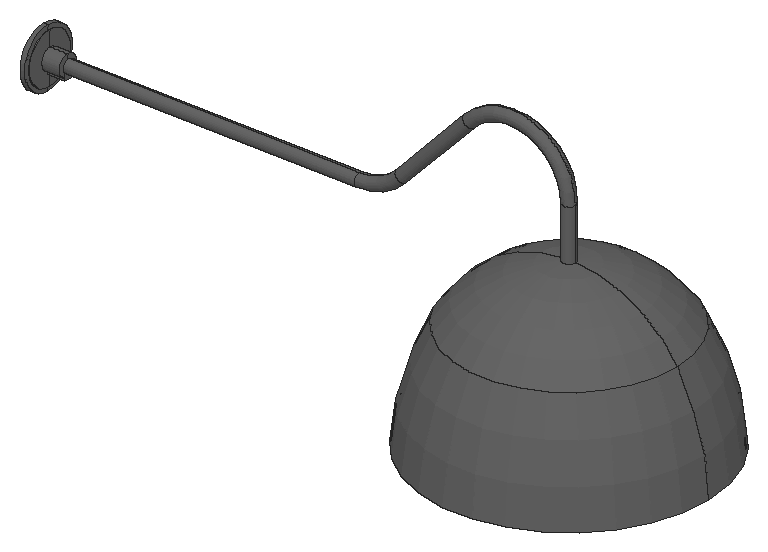
Revit family "OSDD_LED", category Lighting Fixtures, Revit 2020
Family settings
  Round Connector Dimension = Use Diameter
  Part Type = Normal
  OmniClass Number = 23.80.70.00
  OmniClass Title = Lighting
  Work Plane-Based = No
  Always vertical = Yes
  Cut with Voids When Loaded = No
  Light Source = Yes
  Shared = No
  Room Calculation Point = No
Parameters (values of type "OSDD22")
  Weight = "18.0 lb"
  Wattage Comments = "37W"
  Wattage = 3.2 W
  Warranty = "5 year limited warranty"  # constant formula
  built-in parameter 1150110 = 1 (stored number, unit not read)
  Voltage = 120 V
  URL = "https://www.anplighting.com/assets/Uploads/product-attachments/specification-sheets/ANP-Specification-Sheet-RLM-LED-OSDD22.pdf"
  built-in parameter 1114217 = 1 (stored number, unit not read)
  Tilt Angle = 90.00°
  built-in parameter 1150109 = 1 (stored number, unit not read)
  built-in parameter 1150134 = (empty or 0)
  built-in parameter 1150113 = 1 (stored number, unit not read)
  OSDD36 = no
  OSDD30 = no
  OSDD22 = yes
  Mounting Option [instance] = 4
  Power Factor = 1
  Post Mount [instance] = Mounting Option = 5  # no
  Placement X axis side [instance] = if(Post Mount, 2' 2 15/32", if(Cord or Stem Mount, 0' 0", if(E36 20 inch, 1' 8 1/4", if(E 6 26 inch, 2' 2", if(E7 41 inch, 3' 5 1/4", 0' 1")))))  # 3' - 5 1/4"
  Photometric Web File = "OSDD30M037LDDW35K.ies"
  Model = "OSDD22"
  Manufacturer = "ANP Lighting"  # constant formula
  built-in parameter 1150105 = 318.31 (stored number, unit not read)
  Lumens = 4000 lm
  built-in parameter 1150115 = 1 (stored number, unit not read)
  Load Classification = Lighting
  Light Source Height [instance] = 0' - 5 55/128"
  built-in parameter 1150137 = (empty or 0)
  built-in parameter 1150139 = (empty or 0)
  Light Elevation_3 [instance] = 0' - 5 55/128"
  Light Elevation _2 [instance] = if(OSDD22, 1' 1", if(OSDD30, 1' 7", if(OSDD36, 1' 9", 0' 0")))  # 1' - 1"
  Light Elevation _1 [instance] = if(Post Mount, 0' 0", if(E7 41 inch, 0' 0", if(E36 20 inch, 0' 1", if(E 6 26 inch, 0' 0.87402", if(Cord or Stem Mount, (0' 3.66142" + Cord Length), 0' 0")))))  # 0' - 0"
  Light Elevation [instance] = if(Post Mount, 14' 0.5315", if(E7 41 inch, 0' 0", 0' 0"))  # 0' - 0"
  Life = "L70 50,000 hours"  # constant formula
  built-in parameter 1150112 = 1 (stored number, unit not read)
  built-in parameter 1150114 = 1 (stored number, unit not read)
  Lamp = "LED"
  Inside body material = INSIDE BODY MATERIAL
  built-in parameter 1150132 = 2
  built-in parameter 1150102 = (empty or 0)
  built-in parameter 1150107 = 3500 (stored number, unit not read)
  built-in parameter 1150138 = (empty or 0)
  built-in parameter 1150106 = 3.1831 (stored number, unit not read)
  GLASS = Glass
  Fixture Height = 1' - 1"
  Fixture Diameter = 1' - 10"
  Efficiency = "65-125 lumens per watt"  # constant formula
  built-in parameter 1150104 = 116.13 (stored number, unit not read)
  E7 41 inch [instance] = Mounting Option = 4  # yes
  E36 20 inch [instance] = Mounting Option = 3  # no
  E 6 26 inch [instance] = Mounting Option = 2  # no
  Dimming Lamp Color Temperature Shift = <None>
  Dimming = "1%"  # constant formula
  Description = "120-277 Voltage"  # constant formula
  Default Elevation = 0' - 0"
  Cord or Stem Mount [instance] = Mounting Option = 1  # no
  Cord Length option [instance] = 0
  Cord Length [instance] = if([2' Cord], 2' 0", if([4' Cord], 4' 0", if([8' Cord], 8' 0", if([10' Cord], 10' 0", if([6' Cord], 6' 0", 6' 0")))))  # 6' - 0"
  Construction Material = "Heavy Duty spun aluminum."  # constant formula
  Color Filter = 16777215
  CRI = ">90"  # constant formula
  Bulb = BULB
  Body Material = body
  Body Colour = "Spun aluminium"  # constant formula
  built-in parameter 1114218 = 1 (stored number, unit not read)
  built-in parameter 1150133 = 10 (stored number, unit not read)
  Apparent Load = 37 VA
  8' Cord [instance] = Cord Length option = 8  # no
  6' Cord [instance] = Cord Length option = 6  # no
  4' Cord [instance] = Cord Length option = 4  # no
  2' Cord [instance] = Cord Length option = 2  # no
  10' Cord [instance] = Cord Length option = 10  # no
Types (4): name | Weight | Voltage | URL | OSDD36 | OSDD30 | OSDD22 | Model | built-in parameter 1150105 | Light Elevation _2 | built-in parameter 1150106 | Fixture Height | Fixture Diameter
  (no name) | "18.0 lb" | 120 V | "https://www.anplighting.com/assets/Uploads/product-attachments/specification-sheets/ANP-Specification-Sheet-RLM-LED-OSDD22.pdf" | no | no | yes | "OSDD22" | 318.31 (stored number, unit not read) | 1' - 1" | 3.1831 (stored number, unit not read) | 1' - 1" | 1' - 10"
  OSDD22 | "18.0 lb" | 120 V | "https://www.anplighting.com/assets/Uploads/product-attachments/specification-sheets/ANP-Specification-Sheet-RLM-LED-OSDD22.pdf" | no | no | yes | "OSDD22" | 318.31 (stored number, unit not read) | 1' - 1" | 3.1831 (stored number, unit not read) | 1' - 1" | 1' - 10"
  OSDD30 | "21.0 lb" | 120 V | "https://www.anplighting.com/assets/Uploads/product-attachments/specification-sheets/ANP-Specification-Sheet-RLM-LED-OSDD30.pdf" | no | yes | no | "OSDD30" | 318.31 (stored number, unit not read) | 1' - 7" | 3.1831 (stored number, unit not read) | 1' - 7" | 2' - 6"
  OSDD36 | "23.0 lb" | 277 V | "https://www.anplighting.com/assets/Uploads/product-attachments/specification-sheets/ANP-Specification-Sheet-RLM-LED-OSDD36.pdf" | yes | no | no | "OSDD36" | 4000 (stored number, unit not read) | 1' - 9" | 40 (stored number, unit not read) | 1' - 9" | 3' - 0"
Reference planes (in)
  plane 1 "Light Source Axis (F/B)": y = 0
  plane 2: z = 0
  plane 3 "Light Source Axis (L/R)": x = 0
  plane 4 "Light Source Elevation": z = 0
  plane 5: z = 0
  plane 6: x = 41.25
  plane 7 "Bulb Position": z = -7.57031
  plane 8 "Canopy Position": z = 0
  plane 9 "IES": z = -13
  plane 10: z = -13
Dimensions and locks (in)
  "Light Elevation": plane 5 to plane 2
  "Placement X axis side": plane 6 to plane 3 "Light Source Axis (L/R)"
  "Light Elevation _1": plane 5 to plane 8 "Canopy Position"
  "Light Source Height": plane 7 "Bulb Position" to plane 9 "IES"
  locked: plane 4 "Light Source Elevation" to plane 2
  "Light Elevation _2": plane 8 "Canopy Position" to plane 10
  "Light Elevation_3": plane 7 "Bulb Position" to plane 10
  aligned and locked: level to plane 2
  aligned and locked: plane 1 "Light Source Axis (F/B)" to nested 5
  aligned and locked: nested 5 to plane 2
  aligned and locked: nested 1 to plane 3 "Light Source Axis (L/R)"
  aligned and locked: plane 3 "Light Source Axis (L/R)" to nested 2
  aligned and locked: plane 3 "Light Source Axis (L/R)" to nested 4
  aligned and locked: nested 3 to plane 5
  aligned and locked: plane 3 "Light Source Axis (L/R)" to nested 3
  aligned and locked: plane 3 "Light Source Axis (L/R)" to nested 5
  aligned and locked: plane 1 "Light Source Axis (F/B)" to nested 2
  aligned and locked: plane 1 "Light Source Axis (F/B)" to nested 1
  aligned and locked: plane 1 "Light Source Axis (F/B)" to nested 4
  aligned and locked: plane 1 "Light Source Axis (F/B)" to nested 3
  aligned and locked: plane 2 to nested 1
  aligned and locked: nested 2 to plane 2
  aligned and locked: nested 4 to plane 2
  aligned and locked: imposter light to plane 9 "IES"
  aligned and locked: plane 6 to imposter light
  aligned and locked: plane 1 "Light Source Axis (F/B)" to nested 6
  aligned and locked: plane 1 "Light Source Axis (F/B)" to nested 7
  aligned and locked: plane 1 "Light Source Axis (F/B)" to nested 8
  aligned and locked: plane 6 to nested 6
  aligned and locked: plane 6 to nested 7
  aligned and locked: plane 6 to nested 8
  aligned and locked: nested 6 to plane 8 "Canopy Position"
  aligned and locked: nested 7 to plane 8 "Canopy Position"
  aligned and locked: nested 8 to plane 8 "Canopy Position"
Nested families (in)
  nested 1: "CORD OR STEM MOUNT" at (0, 0, -75.67), visible <- "Cord or Stem Mount", Cord or Stem Mount <- "Cord or Stem Mount", Body Material <- "Body Material", Light Elevation <- "Light Elevation", Cord Length <- "Cord Length", 10' Cord <- "10' Cord", 2' Cord <- "2' Cord", 4' Cord <- "4' Cord", 6' Cord <- "6' Cord", 8' Cord <- "8' Cord", type "CORD OR STEM MOUNT"
    with Light Elevation 0' - 0", Cord or Stem Mount no, Cord Length 6' - 0", Body Material body, 8' Cord no, 6' Cord no, 4' Cord no, 2' Cord no, 10' Cord no
  nested 2: "E6 26 INCH" at (41.25, 0, 0), visible <- "E 6 26 inch", Chain Length <- "Cord Length", E 6 26 inch <- "E 6 26 inch", Placement X axis side <- "Placement X axis side", Body Material <- "Body Material", Light Elevation <- "Light Elevation", type "E6 26 INCH"
    with Placement X axis side 3' - 5 1/4", Light Elevation 0' - 0", E 6 26 inch no, Chain Length 6' - 0", Body Material body
  nested 3: "E7 41 INCH" at (41.25, 0, 0), Chain Length <- "Cord Length", visible <- "E7 41 inch", E7 41 inch <- "E7 41 inch", Placement X axis side <- "Placement X axis side", Body Material <- "Body Material", Light Elevation <- "Light Elevation", type "E7 41 INCH"
    with Placement X axis side 3' - 5 1/4", Light Elevation 0' - 0", E7 41 inch yes, Chain Length 6' - 0", Body Material body
  nested 4: "E36 20 INCH" at (41.25, 0, 0), visible <- "E36 20 inch", E36 20 inch <- "E36 20 inch", Placement X axis side <- "Placement X axis side", Chain Length <- "Cord Length", Body Material <- "Body Material", Light Elevation <- "Light Elevation", type "E36 20 INCH"
    with Placement X axis side 3' - 5 1/4", Light Elevation 0' - 0", E36 20 inch no, Chain Length 6' - 0", Body Material body
  nested 5: "POST MOUNT" at (41.25, 0, 0), visible <- "Post Mount", Post Mount <- "Post Mount", Placement X axis side <- "Placement X axis side", Chain Length <- "Cord Length", Body Material <- "Body Material", Light Elevation <- "Light Elevation", type "POST MOUNT"
    with Post Mount no, Placement X axis side 3' - 5 1/4", Light Elevation 0' - 0", Chain Length 6' - 0", Body Material body
  nested 6: "OSDD22 A" at (41.25, 0, 0), visible <- "OSDD22", OSDD22 <- "OSDD22", Body <- "Body Material", Bulb <- "Bulb", Light Elevation <- "Light Elevation", type "OSDD22 A"
    with OSDD22 yes, Light Elevation 0' - 0", Bulb BULB, Body body
  nested 7: "OSDD30 A" at (41.25, 0, 0), OSDD30 <- "OSDD30", visible <- "OSDD30", Body <- "Body Material", Bulb <- "Bulb", Light Elevation <- "Light Elevation", type "OSDD30 A"
    with OSDD30 no, Light Elevation 0' - 0", Bulb BULB, Body body
  nested 8: "OSDD36 A" at (41.25, 0, 0), OSDD36 <- "OSDD36", visible <- "OSDD36", Body <- "Body Material", Bulb <- "Bulb", Light Elevation <- "Light Elevation", INSIDE BODY <- "Inside body material", type "OSDD36 A"
    with OSDD36 no, Light Elevation 0' - 0", INSIDE BODY INSIDE BODY MATERIAL, Bulb BULB, Body body
Definition of nested family "E7 41 INCH"
  Parameters (values of type "E7 41 INCH")
    URL = ""
    Placement X axis side [instance] = 4' - 2"
    Model = ""
    Manufacturer = ""
    Light Elevation [instance] = 8' - 4"
    E7 41 inch [instance] = yes
    Default Elevation = 0' - 0"
    Chain Length [instance] = 0' - 0"
    Body Material [instance] = none
  Reference planes (in)
    plane 1 "Light Source Axis (F/B)": y = 0
    plane 2: z = 0
    plane 3 "Light Source Axis (L/R)": x = 0
    plane 4 "Light Source Elevation": z = 23.125
    plane 5: z = 100
    plane 6: x = -50
  Forms (in)
    Extrusion 1, void, not visible
      sketch origin (0, 0, 2.38154) x (1, 0, 0) y (0, 0, 1)
        loop
          circle (0, 4.59925) r 0.16583
      from 1.18594 to 1.75
    Extrusion 2, void, not visible
      sketch origin (0, 0, 2.38154) x (0.707107, -0.707107, 0) y (0, 0, 1)
        loop
          circle (0, 4.59925) r 0.16583
      from 1.18594 to 1.75
    Extrusion 3, void, not visible
      sketch origin (0, 0, 2.38154) x (0.707107, 0.707107, 0) y (0, 0, 1)
        loop
          circle (0, 4.59925) r 0.16583
      from 1.18594 to 1.75
    Extrusion 4, void, not visible
      sketch origin (0, 0, 2.38154) x (0, 1, 0) y (0, 0, 1)
        loop
          circle (0, 4.59925) r 0.16583
      from 1.18594 to 1.75
    Extrusion 5, void, not visible
      sketch origin (0, 0, 2.38154) x (-0.707107, 0.707107, 0) y (0, 0, 1)
        loop
          circle (0, 4.59925) r 0.16583
      from 1.18594 to 1.75
    Extrusion 6, void, not visible
      sketch origin (0, 0, 2.38154) x (-1, 0, 0) y (0, 0, 1)
        loop
          circle (0, 4.59925) r 0.20678
      from 1.18594 to 1.75
    Extrusion 7, void, not visible
      sketch origin (0, 0, 2.38154) x (-0.707107, -0.707107, 0) y (0, 0, 1)
        loop
          circle (0, 4.59925) r 0.16583
      from 1.18594 to 1.75
    Extrusion 8, void, not visible
      sketch origin (0, 0, 2.38154) x (0, -1, 0) y (0, 0, 1)
        loop
          circle (0, 4.59925) r 0.16583
      from 1.18594 to 1.75
    Revolve 9, solid, material <- "Body Material", visible <- "E7 41 inch"
      sketch origin (-41.25, 0, 168.39193) x (1, 0, 0) y (0, 0, 1)
        loop
          line (-8.75, -66.20443) -> (-8.75, -68.51693) -> (-6.87, -68.51693) -> (-6.87, -67.69272) -> (-8.2974, -67.69272) -> (-8.2974, -66.54122) -> (-8.41875, -66.54122) -> (-8.41875, -66.20443) -> (-8.75, -66.20443)
        axis (-8.75, -68.51693) -> (-6.87, -68.51693)
      angle from 0 to 360
    Extrusion 10, solid, material <- "Body Material", visible <- "E7 41 inch"
      sketch origin (-41.25, 0, 168.39193) x (0, -1, 0) y (0, 0, -1)
        loop
          line (0.25, 68.51693) -> (0.25, 69.51693) -> (-0.25, 69.51693) -> (-0.25, 68.51693) -> (0.25, 68.51693)
      from -8.2974 to -6.87
    Sweep 11, solid, material <- "Body Material", visible <- "E7 41 inch"
      path origin (-41.25, 0, 168.39193) x (1, 0, 0) y (0, 0, 1)
        loop
          line (-6.87, -68.51693) -> (16.04011, -68.51693)
          arc (16.04011, -68.51693) -> (17.864, -68.13651) -> (19.38375, -67.0587) r 4.5625
          line (19.38375, -67.0587) -> (24.70217, -61.33018)
          arc (24.70217, -61.33018) -> (29.64465, -60.20324) -> (32.5, -64.39193) r 4.5
          line (32.5, -64.39193) -> (32.5, -68.39193)
      profile origin (-36.66494, 0, 99.875) x (0, 0, 1) y (0, -1, 0)
        loop
          circle (0, 0) r 0.5
  Dimensions and locks (in)
    "Placement X axis side": plane 3 "Light Source Axis (L/R)" to plane 6
    "Light Elevation": plane 5 to plane 2
    locked: Revolve 9 sketch curve to Revolve 9 sketch curve at 0.33125
    locked: Revolve 9 sketch curve to Revolve 9 sketch curve at 0.4526
    locked: Revolve 9 sketch curve to Revolve 9 sketch curve at 1.88
    locked: Revolve 9 sketch curve to Revolve 9 sketch curve at 0.82421
    locked: Revolve 9 sketch curve to Revolve 9 sketch curve at 1.1515
    locked: Revolve 9 sketch curve to Revolve 9 sketch curve at 0.33679
    locked: plane 5 to Revolve 9 sketch curve at 0.125
    locked: Extrusion 10 sketch curve to Extrusion 10 sketch curve at 0.5
    locked: Extrusion 10 sketch curve to Extrusion 10 sketch curve at 1
    locked: plane 5 to Extrusion 10 sketch curve at 0.125
    locked: plane 5 to Sweep 11 sketch curve at 0.125
    locked: Sweep 11 sketch curve to Sweep 11 sketch curve at 39.37
    locked: Sweep 11 sketch curve to Sweep 11 sketch curve at 4
    locked: plane 6 to Extrusion 10 at 0.4526
    locked: Sweep 11 sketch curve to plane 6 at 1.88
    locked: Extrusion 10 to Extrusion 10 at 1.4274
    aligned and locked: plane 2 to level
    aligned and locked: Revolve 9 sketch curve to plane 6
  Automatic sketch dimensions
    Revolve 9 sketch curve to plane 5 = 0' - 0 1/8"
    plane 6 to Revolve 9 sketch curve = 0' - 0.62562"
    Revolve 9 sketch curve to Revolve 9 sketch curve = 0' - 0 1/2"
    plane 1 "Light Source Axis (F/B)" to Extrusion 10 sketch curve = 0' - 0 1/4"
    Sweep 11 sketch curve to plane 5 = 0' - 0"
    Sweep 11 sketch curve to Sweep 11 sketch curve = 0' - 4 1/2"
    Sweep 11 sketch curve to Sweep 11 sketch curve = 0' - 3.29783"
    plane 5 to Sweep 11 sketch curve = 0' - 1.33323"
    Sweep 11 sketch curve to Sweep 11 sketch curve = 0' - 5.31842"
    Sweep 11 sketch curve to Sweep 11 sketch curve = 0' - 3.34364"
    profile plane to Sweep 11 sketch curve = 0' - 0"
    Sweep 11 sketch curve to profile plane = 0' - 0"
    radius of Sweep 11 sketch curve = 0' - 0 1/2"
Definition of nested family "OSDD22 A"
  Parameters (values of type "OSDD22 A")
    OSDD22 [instance] = yes
    Light Elevation [instance] = 0' - 0"
    INSIDE BODY [instance] = none
    Default Elevation = 0' - 0"
    Bulb [instance] = none
    Body [instance] = none
  Reference planes (in)
    plane 1 "Center (Front/Back)": y = 0
    plane 2: z = 0
    plane 3 "Center (Left/Right)": x = 0
    plane 4: z = 0
  Dimensions and locks (in)
    "Light Elevation": plane 4 to plane 2
    aligned and locked: plane 2 to level
    aligned and locked: plane 3 "Center (Left/Right)" to nested 1
    aligned and locked: plane 1 "Center (Front/Back)" to nested 1
    aligned and locked: plane 4 to nested 1
  Nested families (in)
    nested 1: "OSDD22" at (0, 0, -13.00025), Body <- "Body", INNER MATERIAL <- "INSIDE BODY", visible <- "OSDD22", OSDD22 <- "OSDD22", Bulb <- "Bulb", type "OSDD22"
      with OSDD22 yes, INNER MATERIAL none, Body none
  Definition of nested family "OSDD22"
    Parameters (values of type "OSDD22")
      OSDD22 [instance] = yes
      INNER MATERIAL [instance] = none
      Default Elevation = 0' - 0"
      Bulb [instance] = none
      Body [instance] = none
    Reference planes (in)
      plane 1 "Center (Front/Back)": y = 0
      plane 2: z = 0
      plane 3 "Center (Left/Right)": x = 0
    Forms (in)
      Revolve 1, solid, material <- "Body", visible <- "OSDD22"
        sketch origin (-48.20311, 0, -7.05295) x (1, 0, 0) y (0, 0, 1)
          loop
            arc (39.64308, 15.5417) -> (37.93337, 11.43826) -> (37.20351, 7.05321) r 19.38311
            line (37.20351, 7.05321) -> (37.27936, 7.05321)
            arc (37.27936, 7.05321) -> (38.00625, 11.41754) -> (39.70757, 15.5018) r 19.30776
            arc (39.70757, 15.5018) -> (43.31793, 18.7585) -> (48.02485, 19.97743) r 10.21609
            line (48.02485, 19.97743) -> (48.02485, 20.05321)
            arc (48.02485, 20.05321) -> (43.28104, 18.8247) -> (39.64308, 15.5417) r 10.29186
          axis (48.20311, 7.05321) -> (48.20311, 20.05321)
        angle from 0 to 360
      Revolve 2, solid, material <- "INNER MATERIAL", visible <- "OSDD22"
        sketch origin (0, 0, 0) x (1, 0, 0) y (0, 0, 1)
          loop
            line (-10.86126, 0.00025) -> (-10.76115, 0.00025)
            arc (-10.76115, 0.00025) -> (-10.11138, 4.11056) -> (-8.56906, 7.97553) r 18.70757
            arc (-8.56906, 7.97553) -> (-4.96312, 11.36924) -> (-0.17827, 12.64409) r 10.1124
            line (-0.17827, 12.64409) -> (-0.17827, 12.74409)
            arc (-0.17827, 12.74409) -> (-5.01286, 11.456) -> (-8.65542, 8.02609) r 10.2124
            arc (-8.65542, 8.02609) -> (-10.2079, 4.13673) -> (-10.86126, 0.00025) r 18.80757
          axis (0, 0.00025) -> (0, 12.74409)
        angle from 0 to 360
      Revolve 3, solid, material <- "Bulb", visible <- "OSDD22"
        sketch origin (0, 0, 0) x (1, 0, 0) y (0, 0, 1)
          loop
            line (2, 7.00025) -> (6.75, 7.00025) -> (6.75, 7.10025) -> (1.89737, 7.10025)
            arc (1.89737, 7.10025) -> (1.3784, 5.69258) -> (0, 5.10025) r 1.9
            line (0, 5.10025) -> (0, 5.00025)
            arc (0, 5.00025) -> (1.41421, 5.58604) -> (2, 7.00025) r 2
          axis (0, 5.00025) -> (0, 7.10025)
        angle from 0 to 360
    Dimensions and locks (in)
      locked: Revolve 3 to plane 2 at 7.10025
      aligned and locked: plane 2 to level
Definition of nested family "CORD OR STEM MOUNT"
  Parameters (values of type "CORD OR STEM MOUNT")
    URL = ""
    Model = ""
    Manufacturer = ""
    Light Elevation [instance] = 1' - 7.69"
    Default Elevation = 0' - 0"
    Cord or Stem Mount [instance] = yes
    Cord Length [instance] = 6' - 0"
    Body Material [instance] = none
    8' Cord [instance] = no
    6' Cord [instance] = no
    4' Cord [instance] = no
    2' Cord [instance] = no
    10' Cord [instance] = no
  Reference planes (in)
    plane 1 "Light Source Axis (F/B)": y = 0
    plane 2: z = 0
    plane 3 "Light Source Axis (L/R)": x = 0
    plane 4 "Light Source Elevation": z = 23.125
    plane 5: z = 91.69
    plane 6: z = 19.69
  Forms (in)
    Extrusion 1, void, not visible
      sketch origin (0, 0, 2.38154) x (1, 0, 0) y (0, 0, 1)
        loop
          circle (0, 4.59925) r 0.16583
      from 1.18594 to 1.75
    Extrusion 2, void, not visible
      sketch origin (0, 0, 2.38154) x (0.707107, -0.707107, 0) y (0, 0, 1)
        loop
          circle (0, 4.59925) r 0.16583
      from 1.18594 to 1.75
    Extrusion 3, void, not visible
      sketch origin (0, 0, 2.38154) x (0.707107, 0.707107, 0) y (0, 0, 1)
        loop
          circle (0, 4.59925) r 0.16583
      from 1.18594 to 1.75
    Extrusion 4, void, not visible
      sketch origin (0, 0, 2.38154) x (0, 1, 0) y (0, 0, 1)
        loop
          circle (0, 4.59925) r 0.16583
      from 1.18594 to 1.75
    Extrusion 5, void, not visible
      sketch origin (0, 0, 2.38154) x (-0.707107, 0.707107, 0) y (0, 0, 1)
        loop
          circle (0, 4.59925) r 0.16583
      from 1.18594 to 1.75
    Extrusion 6, void, not visible
      sketch origin (0, 0, 2.38154) x (-1, 0, 0) y (0, 0, 1)
        loop
          circle (0, 4.59925) r 0.20678
      from 1.18594 to 1.75
    Extrusion 7, void, not visible
      sketch origin (0, 0, 2.38154) x (-0.707107, -0.707107, 0) y (0, 0, 1)
        loop
          circle (0, 4.59925) r 0.16583
      from 1.18594 to 1.75
    Extrusion 8, void, not visible
      sketch origin (0, 0, 2.38154) x (0, -1, 0) y (0, 0, 1)
        loop
          circle (0, 4.59925) r 0.16583
      from 1.18594 to 1.75
    Revolve 9, solid, material <- "Body Material", visible <- "Cord or Stem Mount"
      sketch origin (0, 0, 174.56698) x (1, 0, 0) y (0, 0, 1)
        loop
          line (2.6875, -79.20698) -> (0, -79.20698) -> (0, -82.87698) -> (0.125, -82.87698) -> (0.125, -82.83698) -> (0.75, -82.83698)
          arc (0.75, -82.83698) -> (0.81694, -82.77004) -> (0.75, -82.7031) r 0.06694
          line (0.75, -82.7031) -> (0.89763, -82.7031) -> (1.00223, -82.5985) -> (1.06587, -82.5985)
          arc (1.06587, -82.5985) -> (1.80099, -82.29401) -> (2.10549, -81.55888) r 1.03962
          line (2.10549, -81.55888) -> (2.10549, -81.03899)
          arc (2.10549, -81.03899) -> (2.12951, -80.981) -> (2.1875, -80.95698) r 0.08201
          line (2.1875, -80.95698) -> (2.1875, -80.70698) -> (2.6875, -80.70698) -> (2.6875, -79.20698)
        axis (0, -79.20698) -> (0, -82.87698)
      angle from 0 to 360
    Revolve 10, solid, material <- "Body Material", visible <- "Cord or Stem Mount"
      sketch origin (0, 0, 0) x (1, 0, 0) y (0, 0, 1)
        loop
          line (0, 91.69) -> (-0.125, 91.69) -> (-0.125, 19.69) -> (0, 19.69) -> (0, 91.69)
        axis (0, 19.69) -> (0, 91.69)
      angle from 0 to 360
  Dimensions and locks (in)
    "Light Elevation": plane 6 to plane 2
    "Cord Length": plane 5 to plane 6
    locked: Revolve 10 sketch curve to Revolve 10 sketch curve at 0.125
    aligned and locked: level to plane 2
    aligned and locked: Revolve 10 sketch curve to plane 3 "Light Source Axis (L/R)"
    aligned and locked: Revolve 10 sketch curve to plane 6
    aligned and locked: Revolve 10 sketch curve to plane 5
    aligned and locked: plane 3 "Light Source Axis (L/R)" to Revolve 10 sketch curve
  Automatic sketch dimensions
    Revolve 9 sketch curve to plane 3 "Light Source Axis (L/R)" = 0' - 0"  (x2)
    Revolve 9 sketch curve to plane 5 = 0' - 0"
    plane 3 "Light Source Axis (L/R)" to Revolve 9 sketch curve = 0' - 0 1/8"
    Revolve 9 sketch curve to plane 5 = 0' - 0.17388"
    Revolve 9 sketch curve to Revolve 9 sketch curve = 0' - 0 5/8"
    Revolve 9 sketch curve to Revolve 9 sketch curve = 0' - 0.14763"
    Revolve 9 sketch curve to plane 5 = 0' - 0.27847"
    Revolve 9 sketch curve to Revolve 9 sketch curve = 0' - 0.1046"
    Revolve 9 sketch curve to Revolve 9 sketch curve = 0' - 0.06364"
    Revolve 9 sketch curve to Revolve 9 sketch curve = 0' - 1.03962"
    Revolve 9 sketch curve to Revolve 9 sketch curve = 0' - 0 21/256"
    Revolve 9 sketch curve to Revolve 9 sketch curve = 0' - 0 1/2"  (x2)
    Revolve 9 sketch curve to Revolve 9 sketch curve = 0' - 0.51989"
    Revolve 9 sketch curve to Revolve 9 sketch curve = 0' - 0 1/4"
    Revolve 9 sketch curve to Revolve 9 sketch curve = 0' - 2.3519"
    Revolve 9 sketch curve to Revolve 9 sketch curve = 0' - 1 1/4"
    Revolve 9 sketch curve to Revolve 9 sketch curve = 0' - 0.04"
    Revolve 10 sketch curve to Revolve 10 sketch curve = 0' - 0 1/2"
    Revolve 10 sketch curve to Revolve 10 sketch curve = 0' - 0.42345"
Definition of nested family "E6 26 INCH"
  Parameters (values of type "E6 26 INCH")
    URL = ""
    Placement X axis side [instance] = 2' - 2"
    Model = ""
    Manufacturer = ""
    Light Elevation [instance] = 8' - 4"
    E 6 26 inch [instance] = yes
    Default Elevation = 0' - 0"
    Chain Length [instance] = 0' - 0"
    Body Material [instance] = none
  Reference planes (in)
    plane 1 "Light Source Axis (F/B)": y = 0
    plane 2: z = 0
    plane 3 "Light Source Axis (L/R)": x = 0
    plane 4 "Light Source Elevation": z = 23.125
    plane 5: z = 100
    plane 6: x = -26
    plane 7: z = 99.125
    plane 8: x = -24.12
    plane 9: x = -25.5474
  Forms (in)
    Extrusion 1, void, not visible
      sketch origin (0, 0, 2.38154) x (1, 0, 0) y (0, 0, 1)
        loop
          circle (0, 4.59925) r 0.16583
      from 1.18594 to 1.75
    Extrusion 2, void, not visible
      sketch origin (0, 0, 2.38154) x (0.707107, -0.707107, 0) y (0, 0, 1)
        loop
          circle (0, 4.59925) r 0.16583
      from 1.18594 to 1.75
    Extrusion 3, void, not visible
      sketch origin (0, 0, 2.38154) x (0.707107, 0.707107, 0) y (0, 0, 1)
        loop
          circle (0, 4.59925) r 0.16583
      from 1.18594 to 1.75
    Extrusion 4, void, not visible
      sketch origin (0, 0, 2.38154) x (0, 1, 0) y (0, 0, 1)
        loop
          circle (0, 4.59925) r 0.16583
      from 1.18594 to 1.75
    Extrusion 5, void, not visible
      sketch origin (0, 0, 2.38154) x (-0.707107, 0.707107, 0) y (0, 0, 1)
        loop
          circle (0, 4.59925) r 0.16583
      from 1.18594 to 1.75
    Extrusion 6, void, not visible
      sketch origin (0, 0, 2.38154) x (-1, 0, 0) y (0, 0, 1)
        loop
          circle (0, 4.59925) r 0.20678
      from 1.18594 to 1.75
    Extrusion 7, void, not visible
      sketch origin (0, 0, 2.38154) x (-0.707107, -0.707107, 0) y (0, 0, 1)
        loop
          circle (0, 4.59925) r 0.16583
      from 1.18594 to 1.75
    Extrusion 8, void, not visible
      sketch origin (0, 0, 2.38154) x (0, -1, 0) y (0, 0, 1)
        loop
          circle (0, 4.59925) r 0.16583
      from 1.18594 to 1.75
    Sweep 9, solid, material <- "Body Material", visible <- "E 6 26 inch"
      path origin (-41.25, 0, 168.51693) x (1, 0, 0) y (0, 0, 1)
        loop
          line (17.13, -68.51693) -> (27.68551, -68.51693)
          arc (27.68551, -68.51693) -> (28.47996, -68.34486) -> (29.13202, -67.8595) r 1.92004
          line (29.13202, -67.8595) -> (34.23651, -62.01155)
          arc (34.23651, -62.01155) -> (38.65464, -60.89667) -> (41.25, -64.64193) r 4
          line (41.25, -64.64193) -> (41.25, -69.39193)
      profile origin (-18.84224, 0, 100) x (0, 0, 1) y (0, -1, 0)
        loop
          circle (0, 0) r 0.5
    Revolve 10, solid, material <- "Body Material", visible <- "E 6 26 inch"
      sketch origin (-26, 0, 168.51693) x (1, 0, 0) y (0, 0, 1)
        loop
          line (0, -66.07943) -> (0, -68.51693) -> (1.88, -68.51693) -> (1.88, -67.69272) -> (0.4526, -67.69272) -> (0.4526, -66.54122) -> (0.33125, -66.54122) -> (0.33125, -66.07943) -> (0, -66.07943)
        axis (0, -68.51693) -> (1.88, -68.51693)
      angle from 0 to 360
    Extrusion 11, solid, material <- "Body Material", visible <- "E 6 26 inch"
      sketch origin (-26, 0, 168.51693) x (0, -1, 0) y (0, 0, -1)
        loop
          line (0.25, 68.51693) -> (0.25, 69.51693) -> (-0.25, 69.51693) -> (-0.25, 68.51693) -> (0.25, 68.51693)
      from 0.4526 to 1.88
  Cuts and joins
    joined: Revolve 10, Extrusion 11
  Dimensions and locks (in)
    "Light Elevation": plane 5 to plane 2
    "Placement X axis side": plane 3 "Light Source Axis (L/R)" to plane 6
    locked: plane 5 to plane 7 at 0.875
    Revolve 10 sketch curve to Revolve 10 sketch curve to Revolve 10 sketch curve to plane 6 = 0' - 1.4274" locked, 0' - 0.12135" locked, 0' - 0.33125" locked
    Revolve 10 sketch curve to Revolve 10 sketch curve to Revolve 10 sketch curve to plane 5 = 0' - 0.46179" locked, 0' - 1.1515" locked, 0' - 0 211/256" locked
    locked: Sweep 9 sketch curve to plane 6 at 1.88
    locked: Sweep 9 sketch curve to Sweep 9 sketch curve at 10.55551
    locked: Sweep 9 sketch curve to Sweep 9 sketch curve at 13.56449
    locked: Sweep 9 sketch curve to Sweep 9 sketch curve at 4.75
    locked: plane 9 to plane 6 at 0.4526
    locked: plane 8 to plane 9 at 1.4274
    aligned and locked: level to plane 2
    aligned and locked: Revolve 10 sketch curve to plane 6
    aligned and locked: plane 5 to Revolve 10 sketch curve
    aligned and locked: Revolve 10 sketch curve to plane 5
    aligned and locked: cut or joined group of Revolve 10, Extrusion 11 to plane 9
    aligned and locked: plane 8 to cut or joined group of Revolve 10, Extrusion 11
  Automatic sketch dimensions
    Sweep 9 sketch curve to plane 5 = 0' - 0"
    Sweep 9 sketch curve to Sweep 9 sketch curve = 0' - 4"
    Sweep 9 sketch curve to Sweep 9 sketch curve = 0' - 3.01349"
    plane 5 to Sweep 9 sketch curve = 0' - 0.65743"
    Sweep 9 sketch curve to Sweep 9 sketch curve = 0' - 1.4465"
    Sweep 9 sketch curve to plane 5 = 0' - 0 7/8"
    profile plane to Sweep 9 sketch curve = 0' - 0"
    Sweep 9 sketch curve to profile plane = 0' - 0"
    plane 6 to Revolve 10 sketch curve = 0' - 0.62562"
    Revolve 10 sketch curve to Revolve 10 sketch curve = 0' - 0 1/2"
    Extrusion 11 sketch curve to plane 5 = 0' - 0"
    plane 1 "Light Source Axis (F/B)" to Extrusion 11 sketch curve = 0' - 0 1/4"
    Extrusion 11 sketch curve to plane 1 "Light Source Axis (F/B)" = 0' - 0 1/4"
    plane 5 to Extrusion 11 sketch curve = 0' - 1"
    radius of Sweep 9 sketch curve = 0' - 0 1/2"
Definition of nested family "E36 20 INCH"
  Parameters (values of type "E36 20 INCH")
    URL = ""
    Placement X axis side [instance] = 1' - 8 1/4"
    Model = ""
    Manufacturer = ""
    Light Elevation [instance] = 8' - 4"
    E36 20 inch [instance] = yes
    Default Elevation = 0' - 0"
    Chain Length [instance] = 0' - 0"
    Body Material [instance] = none
  Reference planes (in)
    plane 1 "Light Source Axis (F/B)": y = 0
    plane 2: z = 0
    plane 3 "Light Source Axis (L/R)": x = 0
    plane 4 "Light Source Elevation": z = 23.125
    plane 5: z = 99
    plane 6: x = -20.25
    plane 7: z = 100
    plane 8: x = -18.37008
    plane 9: x = -19.79724
  Forms (in)
    Extrusion 1, void, not visible
      sketch origin (0, 0, 2.38154) x (1, 0, 0) y (0, 0, 1)
        loop
          circle (0, 4.59925) r 0.16583
      from 1.18594 to 1.75
    Extrusion 2, void, not visible
      sketch origin (0, 0, 2.38154) x (0.707107, -0.707107, 0) y (0, 0, 1)
        loop
          circle (0, 4.59925) r 0.16583
      from 1.18594 to 1.75
    Extrusion 3, void, not visible
      sketch origin (0, 0, 2.38154) x (0.707107, 0.707107, 0) y (0, 0, 1)
        loop
          circle (0, 4.59925) r 0.16583
      from 1.18594 to 1.75
    Extrusion 4, void, not visible
      sketch origin (0, 0, 2.38154) x (0, 1, 0) y (0, 0, 1)
        loop
          circle (0, 4.59925) r 0.16583
      from 1.18594 to 1.75
    Extrusion 5, void, not visible
      sketch origin (0, 0, 2.38154) x (-0.707107, 0.707107, 0) y (0, 0, 1)
        loop
          circle (0, 4.59925) r 0.16583
      from 1.18594 to 1.75
    Extrusion 6, void, not visible
      sketch origin (0, 0, 2.38154) x (-1, 0, 0) y (0, 0, 1)
        loop
          circle (0, 4.59925) r 0.20678
      from 1.18594 to 1.75
    Extrusion 7, void, not visible
      sketch origin (0, 0, 2.38154) x (-0.707107, -0.707107, 0) y (0, 0, 1)
        loop
          circle (0, 4.59925) r 0.16583
      from 1.18594 to 1.75
    Extrusion 8, void, not visible
      sketch origin (0, 0, 2.38154) x (0, -1, 0) y (0, 0, 1)
        loop
          circle (0, 4.59925) r 0.16583
      from 1.18594 to 1.75
    Sweep 9, solid, material <- "Body Material", visible <- "E36 20 inch"
      path origin (-41.25, 0, 169.51693) x (1, 0, 0) y (0, 0, 1)
        loop
          line (22.88, -69.51693) -> (28.93827, -69.51693)
          arc (28.93827, -69.51693) -> (29.97705, -69.28152) -> (30.81284, -68.62128) r 2.40953
          line (30.81284, -68.62128) -> (34.13807, -64.50378)
          arc (34.13807, -64.50378) -> (38.58272, -63.24548) -> (41.25, -67.01693) r 4
          line (41.25, -67.01693) -> (41.25, -70.51693)
      profile origin (-15.34086, 0, 100) x (0, 0, 1) y (0, -1, 0)
        loop
          circle (0, 0) r 0.5
    Revolve 10, solid, material <- "Body Material", visible <- "E36 20 inch"
      sketch origin (-20.25, 0, 169.51693) x (1, 0, 0) y (0, 0, 1)
        loop
          line (0, -67.20443) -> (0, -69.51693) -> (1.88, -69.51693) -> (1.88, -68.69272) -> (0.4526, -68.69272) -> (0.4526, -67.54122) -> (0.33125, -67.54122) -> (0.33125, -67.20443) -> (0, -67.20443)
        axis (0, -69.51693) -> (1.88, -69.51693)
      angle from 0 to 360
    Extrusion 11, solid, material <- "Body Material", visible <- "E36 20 inch"
      sketch origin (-20.25, 0, 169.51693) x (0, -1, 0) y (0, 0, -1)
        loop
          line (0.25, 69.51693) -> (0.25, 70.51693) -> (-0.25, 70.51693) -> (-0.25, 69.51693) -> (0.25, 69.51693)
      from 1.87992 to 0.45276
  Cuts and joins
    joined: Revolve 10, Extrusion 11
  Dimensions and locks (in)
    "Light Elevation": plane 7 to plane 2
    "Placement X axis side": plane 3 "Light Source Axis (L/R)" to plane 6
    locked: plane 7 to plane 5 at 1
    Revolve 10 sketch curve to Revolve 10 sketch curve to Revolve 10 sketch curve to plane 7 = 0' - 0.33679" locked, 0' - 1.1515" locked, 0' - 0 211/256" locked
    locked: Sweep 9 sketch curve to plane 6 at 1.88
    locked: Sweep 9 sketch curve to Sweep 9 sketch curve at 6.05827
    locked: Sweep 9 sketch curve to Sweep 9 sketch curve at 12.31173
    locked: Sweep 9 sketch curve to Sweep 9 sketch curve at 3.5
    Revolve 10 sketch curve to Revolve 10 sketch curve to Revolve 10 sketch curve to plane 6 = 0' - 1.4274" locked, 0' - 0.12135" locked, 0' - 0.33125" locked
    locked: plane 9 to plane 6 at 0.45276
    locked: plane 8 to plane 9 at 1.42717
    aligned and locked: level to plane 2
    aligned and locked: plane 7 to Revolve 10 sketch curve
    aligned and locked: Revolve 10 sketch curve to plane 7
    aligned and locked: Revolve 10 sketch curve to plane 6
    aligned and locked: cut or joined group of Revolve 10, Extrusion 11 to plane 9
    aligned and locked: plane 8 to cut or joined group of Revolve 10, Extrusion 11
  Automatic sketch dimensions
    Sweep 9 sketch curve to plane 7 = 0' - 0"
    Sweep 9 sketch curve to plane 5 = 0' - 0"
    Sweep 9 sketch curve to Sweep 9 sketch curve = 0' - 4"
    Sweep 9 sketch curve to plane 7 = 0' - 0.89565"
    Sweep 9 sketch curve to Sweep 9 sketch curve = 0' - 3.32523"
    Sweep 9 sketch curve to Sweep 9 sketch curve = 0' - 1.87457"
    profile plane to Sweep 9 sketch curve = 0' - 0"
    Sweep 9 sketch curve to profile plane = 0' - 0"
    plane 6 to Revolve 10 sketch curve = 0' - 0.62562"
    Revolve 10 sketch curve to Revolve 10 sketch curve = 0' - 0 1/2"
    plane 7 to Extrusion 11 sketch curve = 0' - 0"
    Extrusion 11 sketch curve to plane 5 = 0' - 0"
    plane 1 "Light Source Axis (F/B)" to Extrusion 11 sketch curve = 0' - 0 1/4"
    Extrusion 11 sketch curve to plane 1 "Light Source Axis (F/B)" = 0' - 0 1/4"
    radius of Sweep 9 sketch curve = 0' - 0 1/2"
Definition of nested family "POST MOUNT"
  Parameters (values of type "POST MOUNT")
    URL = ""
    Post Mount [instance] = yes
    Placement X axis side [instance] = 2' - 2 1/2"
    Model = ""
    Manufacturer = ""
    Light Elevation [instance] = 14' - 0.5168"
    Default Elevation = 0' - 0"
    Chain Length [instance] = 0' - 0"
    Body Material [instance] = none
  Reference planes (in)
    plane 1 "Light Source Axis (F/B)": y = 0
    plane 2: z = 0
    plane 3 "Light Source Axis (L/R)": x = 0
    plane 4 "Light Source Elevation": z = 23.125
    plane 5: x = -26.5
    plane 6: z = 168.5168
  Forms (in)
    Extrusion 1, void, not visible
      sketch origin (0, 0, 2.38154) x (1, 0, 0) y (0, 0, 1)
        loop
          circle (0, 4.59925) r 0.16583
      from 1.18594 to 1.75
    Extrusion 2, void, not visible
      sketch origin (0, 0, 2.38154) x (0.707107, -0.707107, 0) y (0, 0, 1)
        loop
          circle (0, 4.59925) r 0.16583
      from 1.18594 to 1.75
    Extrusion 3, void, not visible
      sketch origin (0, 0, 2.38154) x (0.707107, 0.707107, 0) y (0, 0, 1)
        loop
          circle (0, 4.59925) r 0.16583
      from 1.18594 to 1.75
    Extrusion 4, void, not visible
      sketch origin (0, 0, 2.38154) x (0, 1, 0) y (0, 0, 1)
        loop
          circle (0, 4.59925) r 0.16583
      from 1.18594 to 1.75
    Extrusion 5, void, not visible
      sketch origin (0, 0, 2.38154) x (-0.707107, 0.707107, 0) y (0, 0, 1)
        loop
          circle (0, 4.59925) r 0.16583
      from 1.18594 to 1.75
    Extrusion 6, void, not visible
      sketch origin (0, 0, 2.38154) x (-1, 0, 0) y (0, 0, 1)
        loop
          circle (0, 4.59925) r 0.20678
      from 1.18594 to 1.75
    Extrusion 7, void, not visible
      sketch origin (0, 0, 2.38154) x (-0.707107, -0.707107, 0) y (0, 0, 1)
        loop
          circle (0, 4.59925) r 0.16583
      from 1.18594 to 1.75
    Extrusion 8, void, not visible
      sketch origin (0, 0, 2.38154) x (0, -1, 0) y (0, 0, 1)
        loop
          circle (0, 4.59925) r 0.16583
      from 1.18594 to 1.75
    Revolve 9, solid, material <- "Body Material", visible <- "Post Mount"
      sketch origin (-7.90508, 0, 0) x (1, 0, 0) y (0, 0, 1)
        loop
          line (-18.59492, 3.92912) -> (-16.29831, 3.92912) -> (-16.29831, 4.2668) -> (-16.91413, 4.2668) -> (-16.91413, 134.5168) -> (-17.16413, 134.5168) -> (-17.16413, 137.3918) -> (-17.05979, 137.3918)
          arc (-17.05979, 137.3918) -> (-16.93479, 137.5168) -> (-17.05979, 137.6418) r 0.125
          line (-17.05979, 137.6418) -> (-17.48032, 137.6418) -> (-17.48032, 139.0793) -> (-17.73032, 139.0793) -> (-17.73032, 139.5793) -> (-18.59492, 139.5793) -> (-18.59492, 3.92912)
        axis (-18.59492, 139.5793) -> (-18.59492, 3.92912)
      angle from 0 to 360
    Extrusion 10, solid, material <- "Body Material", visible <- "Post Mount"
      sketch origin (0, 0, 0) x (1, 0, 0) y (0, 1, 0)
        loop
          line (-20.5, 5.93079) -> (-32.5, 5.93079) -> (-32.5, -6.06921) -> (-20.5, -6.06921) -> (-20.5, 5.93079)
      from 0 to 3.92912
    Sweep 11, solid, material <- "Body Material", visible <- "Post Mount"
      path origin (0, 0, 48.5) x (1, 0, 0) y (0, 0, 1)
        loop
          line (0, 120.0168) -> (0, 128.0168)
          arc (0, 128.0168) -> (-13.25, 141.2668) -> (-26.5, 128.0168) r 13.25
          line (-26.5, 128.0168) -> (-26.5, 91.0793)
      profile origin (0, 0, 172.5168) x (-1, 0, 0) y (0, -1, 0)
        loop
          circle (0, 0) r 0.5
    Revolve 12, solid, material <- "Body Material", visible <- "Post Mount"
      sketch origin (0, 0, 0) x (1, 0, 0) y (0, 0, 1)
        loop
          line (0, 168.5168) -> (0.75, 168.5168) -> (0.75, 170.7668) -> (0, 170.7668) -> (0, 168.5168)
        axis (0, 170.7668) -> (0, 168.5168)
      angle from 0 to 360
  Cuts and joins
    joined: Revolve 9, Extrusion 10, Sweep 11, Revolve 12
  Dimensions and locks (in)
    "Placement X axis side": plane 3 "Light Source Axis (L/R)" to plane 5
    "Light Elevation": plane 6 to plane 2
    locked: Revolve 12 sketch curve to plane 5 at 26.5  (x2)
    locked: Revolve 9 sketch curve to plane 2 at 3.92912
    locked: Revolve 9 sketch curve to plane 5 at 2.29661
    locked: Revolve 9 sketch curve to plane 5 at 1.68079
    locked: Revolve 9 sketch curve to plane 5 at 1.43079
    locked: Revolve 9 sketch curve to plane 5 at 1.11461
    locked: Revolve 9 sketch curve to plane 5 at 0.86461
    locked: Revolve 9 sketch curve to Revolve 9 sketch curve at 130.58768
    locked: Revolve 9 sketch curve to Revolve 9 sketch curve at 2.875
    locked: Revolve 9 sketch curve to Revolve 9 sketch curve at 0.25
    locked: Revolve 9 sketch curve to Revolve 9 sketch curve at 1.4375
    locked: Revolve 9 sketch curve to Revolve 9 sketch curve at 0.5
    locked: Sweep 11 sketch curve to Sweep 11 sketch curve at 26.5
    locked: Revolve 12 sketch curve to Revolve 12 sketch curve at 0.75
    locked: cut or joined group of Revolve 9, Extrusion 10, Sweep 11, Revolve 12 to plane 2 at 139.5793
    aligned and locked: level to plane 2
    aligned and locked: plane 5 to Sweep 11 sketch curve
    aligned and locked: Revolve 9 sketch curve to plane 5
  Automatic sketch dimensions
    Revolve 9 sketch curve to plane 5 = 0' - 0"
    Revolve 9 sketch curve to Revolve 9 sketch curve = 0' - 0.10434"
    Revolve 9 sketch curve to Revolve 9 sketch curve = 0' - 0.33768"
    Revolve 9 sketch curve to Revolve 9 sketch curve = 0' - 0 1/4"
    Revolve 9 sketch curve to Revolve 9 sketch curve = 0' - 0 7/16"
    Extrusion 10 sketch curve to plane 5 = 0' - 6"
    plane 5 to Extrusion 10 sketch curve = 0' - 6"
    plane 1 "Light Source Axis (F/B)" to Extrusion 10 sketch curve = 0' - 6.06921"
    Extrusion 10 sketch curve to plane 1 "Light Source Axis (F/B)" = 0' - 5.93079"
    Sweep 11 sketch curve to profile plane = 0' - 0"
    profile plane to Sweep 11 sketch curve = 0' - 0"
    Sweep 11 sketch curve to plane 6 = 0' - 0"
    Sweep 11 sketch curve to plane 6 = 0' - 8"
    plane 6 to Sweep 11 sketch curve = 2' - 4 15/16"
    Revolve 12 sketch curve to plane 6 = 0' - 0"
    Revolve 12 sketch curve to plane 6 = 0' - 2 1/4"
    Revolve 12 sketch curve to Revolve 12 sketch curve = 0' - 0 1/2"
    Revolve 12 sketch curve to Revolve 12 sketch curve = 0' - 0"
    radius of Sweep 11 sketch curve = 0' - 0 1/2"
